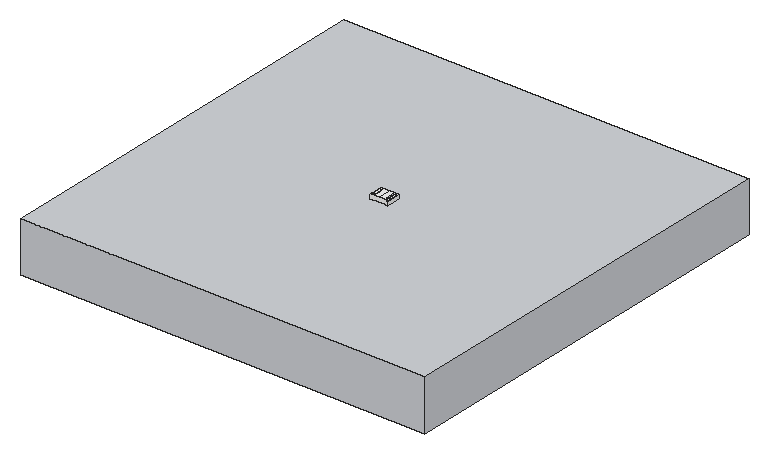
Revit family "Módulo de 2 entradas vigiladas_Aguilera Electronica", category Dispositivos de alarma de incendios, Revit 2017
Family settings
  Anfitrión = Cara
  Mantener orientación de anotación = Sí
  Cota de conector redondo = Diámetro de uso
  Tipo de pieza = Normal
  Número OmniClass = 23.85.30.21
  Título OmniClass = Environmental Detection/Registration
  Corte con vacíos al cargar = No
  Compartido = No
  Punto de cálculo de habitación = No
Parameters (values of type "Módulo de 2 entradas vigiladas")
  URL = "http://aguilera.es/?productos=modulo-de-2-entradas-vigiladas"
  Símbolo texto modelo = yes
  Símbolo = yes
  Modelo = "AE/SA-2EV"
  Fabricante = "Aguilera Electrónica"  # constant formula
  Elevación por defecto = 1200 mm
  Diámetro tubo = 20 mm
  Descripción = "Su aplicación principal es la vigilancia de sistemas de alarma (Tipo 1) como se especifica en la norma UNE EN 54-13: Evaluación de la compatibilidad de los componentes del sistema.\r\nUnidad microprocesada direccionable fabricada por Aguilera Electrónica según norma EN 54-18 que controla el estado de 2 entradas: activación, línea en corto y línea en abierto."
  Type Comments = ""
Reference planes
  plane 1 "Centro (Frontal/Posterior)": y = 0
  plane 2: z = 0
  plane 3 "Centro (Izquierda/Derecha)": x = 0
Forms (mm)
  Extrusion 1, solid
    sketch origin (0, 0, 0) x (1, 0, 0) y (0, 1, 0)
      loop
        line (-1219.2, 1219.2) -> (-1219.2, -1219.2) -> (1219.2, -1219.2) -> (1219.2, 1219.2) -> (-1219.2, 1219.2)
    from 0 to -304.8
  Extrusion 2, solid, material "ABS blanco"
    sketch origin (247.5, 0, 0) x (1, 0, 0) y (0, 0, 1)
      loop
        line (-300, 0) -> (-285, 0)
        arc (-285, 0) -> (-282.824, 1.248) -> (-280.468, 2.113) r 14.863
        line (-280.468, 2.113) -> (-247.5, 2.113) -> (-214.532, 2.113)
        arc (-214.532, 2.113) -> (-212.176, 1.248) -> (-210, 0) r 14.863
        line (-210, 0) -> (-195, 0) -> (-195, 18.612)
        arc (-195, 18.612) -> (-196.871, 23.129) -> (-201.388, 25) r 6.388
        line (-201.388, 25) -> (-247.5, 25) -> (-293.612, 25)
        arc (-293.612, 25) -> (-298.129, 23.129) -> (-300, 18.612) r 6.388
        line (-300, 18.612) -> (-300, 0)
    from -41 to 41
  Extrusion 3, void
    sketch origin (0, 0, 0) x (1, 0, 0) y (0, 1, 0)
      loop
        line (-52.5, 24.796) -> (-52.5, 23.627) -> (-34.278, 23.627) -> (-34.278, -23.627) -> (-52.5, -23.627) -> (-52.5, -24.796) -> (-32.968, -24.796) -> (-32.968, 24.796) -> (-52.5, 24.796)
      loop
        line (52.5, 24.796) -> (32.968, 24.796) -> (32.968, -24.796) -> (52.5, -24.796) -> (52.5, -23.627) -> (34.278, -23.627) -> (34.278, 23.627) -> (52.5, 23.627) -> (52.5, 24.796)
    from 21.624 to 25
  Extrusion 4, void
    sketch origin (0, 0, 0) x (1, 0, 0) y (0, 1, 0)
      loop
        line (49.644, -23.627) -> (52.5, -23.627) -> (52.5, 23.625) -> (49.644, 23.625) -> (49.644, -23.627)
      loop
        line (-49.644, -23.627) -> (-49.644, 23.625) -> (-52.5, 23.625) -> (-52.5, -23.627) -> (-49.644, -23.627)
    from 16.621 to 21.624
Cuts and joins
  Extrusion 3, Extrusion 4 cuts Extrusion 2
Dimensions and locks
  aligned and locked: plane 2 to Extrusion 1
  aligned and locked: level to Extrusion 1
  aligned and locked: Extrusion 2 to Extrusion 3
  aligned and locked: Extrusion 4 to Extrusion 3
Nested families
  nested 1: "S_Módulo de 2 entradas vigiladas_Aguilera Electronica" at (0, 0, 0), visible <- "Símbolo", type "S_Módulo de 2 entradas vigiladas_Aguilera Electronica"
Connectors
  cabletrayconduit at (16.484, 0, 2.113), diameter 20, driven by "Diámetro tubo", driven by "Modelo"
    settings: on cut or joined group of Extrusion 2, Extrusion 3, Extrusion 4, index 1, connector width 300 mm, connector height 300 mm, connector angle 0.00°, system type 32, placement type 0, profile type 0, connector reference index -1, is primary connector yes, connector utility param no, connector description "AE/SA-2EV"
Definition of nested family "S_Módulo de 2 entradas vigiladas_Aguilera Electronica"
  Parameters (values of type "S_Módulo de 2 entradas vigiladas_Aguilera Electronica")
    Texto símbolo = "Módulo 2EV"
    Texto modelo = yes
    Modelo = "Módulo 2EV"
  Reference planes
    plane 1: y = 0
    plane 2: x = 0
  Lines and regions (mm)
    detail lines
      curve 1: line (-3.358, -2.749, 0) -> (3.358, -2.749, 0)
      curve 2: line (-3.358, 2.749, 0) -> (-3.358, -2.749, 0)
      curve 3: line (3.358, 2.749, 0) -> (-3.358, 2.749, 0)
      curve 4: line (3.358, -2.749, 0) -> (3.358, 2.749, 0)
  Text (mm)
    label "Texto símbolo" at (0.015, 1.109, 0), shows "Texto símbolo"
    label "Modelo" at (0.015, -1.385, 0), shows "Modelo", visible <- "Texto modelo"
